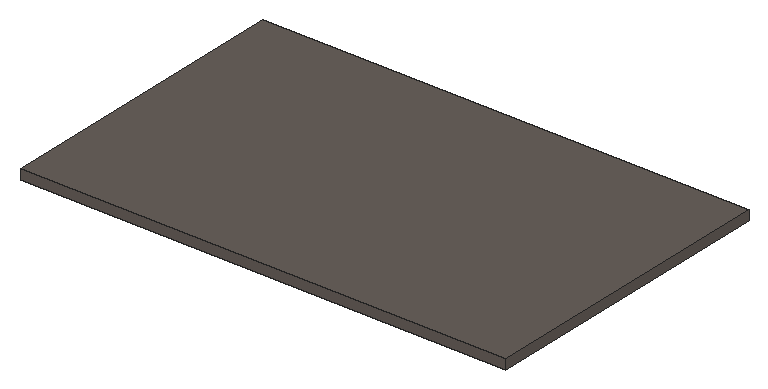
Revit family "Haworth_XSeries_CommonTop", category Furniture Systems, Revit 2019
Family settings
  Round Connector Dimension = Use Diameter
  Part Type = Normal
  OmniClass Number = 23.40.70.14.64.21
  OmniClass Title = Systems Furniture
  Work Plane-Based = No
  Always vertical = Yes
  Cut with Voids When Loaded = No
  Shared = No
  Room Calculation Point = No
Parameters (values of type "36d 60w 1h - Proud Style")
  Width = 60"
  Warranty = "https://cdn.shopify.com/s/files/1/0561/5304/7249/files/Haworth_North_America_Online_Warranty_2022.pdf?v=1660247284"
  URL - Product = "https://www.haworth.com/na/en/products/storage-based/x-series-desks.html"
  URL = "http://www.haworth.com/"
  Top Thickness = 1 3/16"  # constant formula
  Top Height [instance] = 29"
  Top Finish [instance] = Haworth _ Laminate _ Columbian Walnut H-KG
  Sustainability Info = "https://www.haworth.com/na/en/expertise/research/sustainability.html"
  Size = "Verify Final Dim. w/ Haworth"  # constant formula
  Revision Number = "6"  # constant formula
  Mounting Offset [instance] = Top Height - Top Thickness  # 27 13/16"
  Model = "Haworth XSeries File Top"  # constant formula
  Standard Width = "30-120 in."  # constant formula
  Standard Depth = "18, 18.75, 36, 37.5 in."  # constant formula
  Min. Width = 30"  # constant formula
  Max. Width = 120"  # constant formula
  Min. Depth = 18"  # constant formula
  Max. Depth = 37 1/2"  # constant formula
  Manufacturer = "Haworth"  # constant formula
  Edge Finish [instance] = Haworth _ Laminate _ Columbian Walnut H-KG
  Description = "Haworth XSeries File Top"  # constant formula
  Depth = 37 1/2"
  Author = "Haworth (Hampton), SHAPE Environments, LLC"  # constant formula
  Assembly Code = "E2020200"
  Actual Width = if(Width > Max. Width, Max. Width, if(Width < Min. Width, Min. Width, Width))  # 60"
  Actual Depth = if(Depth > Max. Depth, Max. Depth, if(Depth < Min. Depth, Min. Depth, Depth))  # 37 1/2"
Types (5): name | Width | Depth | Actual Width | Actual Depth
  18d 60w 1h - Proud Style | 60" | 18 3/4" | 60" | 18 3/4"
  18d 60w 1h - Inset Style | 60" | 18" | 60" | 18"
  36d 60w 1h - Inset Style | 60" | 36" | 60" | 36"
  36d 60w 1h - Proud Style | 60" | 37 1/2" | 60" | 37 1/2"
  18d 66w 1h - Proud Style | 66" | 18 3/4" | 66" | 18 3/4"
Reference planes (in)
  plane 1 "Storage Top Center F/B": y = 0
  plane 2: z = 0
  plane 3 "Storage Top Center L/R": x = 0
  plane 4 "Left": x = -30
  plane 5 "Back": y = 18.75
  plane 6 "Front": y = -18.75
  plane 7 "Right": x = 30
  plane 8 "Top": z = 29
  plane 9 "Bottom": z = 27.8125
Forms (in)
  Extrusion 1, solid, material "Haworth _ Laminate _ Columbian Walnut H-KG" <- "Top Finish"
    sketch origin (-36.03948, -180, 27.8125) x (-1, 0, 0) y (0, -1, 0)
      loop
        line (-6.03948, -198.75) -> (-6.03948, -161.25) -> (-66.03948, -161.25) -> (-66.03948, -198.75) -> (-6.03948, -198.75)
    from 0 to 1.1875
Lines and regions (in)
  Masking region 1
    outline origin (0, 0, 0) x (1, 0, 0) y (0, 1, 0)
      loop
        line (-30, 18.75) -> (-30, -18.75) -> (30, -18.75) -> (30, 18.75) -> (-30, 18.75)
Dimensions and locks (in)
  equal spacing: plane 5 "Back", plane 1 "Storage Top Center F/B", plane 6 "Front"
  "Actual Depth": plane 5 "Back" to plane 6 "Front"
  equal spacing: plane 4 "Left", plane 3 "Storage Top Center L/R", plane 7 "Right"
  "Actual Width": plane 4 "Left" to plane 7 "Right"
  "Mounting Offset": plane 9 "Bottom" to level
  "Top Thickness": plane 8 "Top" to plane 9 "Bottom"
  aligned and locked: plane 5 "Back" to Extrusion 1 sketch curve
  aligned and locked: Extrusion 1 sketch curve to plane 7 "Right"
  aligned and locked: plane 6 "Front" to Extrusion 1 sketch curve
  aligned and locked: Extrusion 1 sketch curve to plane 4 "Left"
  aligned and locked: plane 8 "Top" to Extrusion 1
  aligned and locked: Extrusion 1 to plane 5 "Back"
  aligned and locked: Extrusion 1 to plane 9 "Bottom"
  aligned and locked: plane 6 "Front" to Masking region 1 sketch curve
  aligned and locked: Masking region 1 sketch curve to plane 7 "Right"
  aligned and locked: plane 5 "Back" to Masking region 1 sketch curve
  aligned and locked: Masking region 1 sketch curve to plane 4 "Left"
